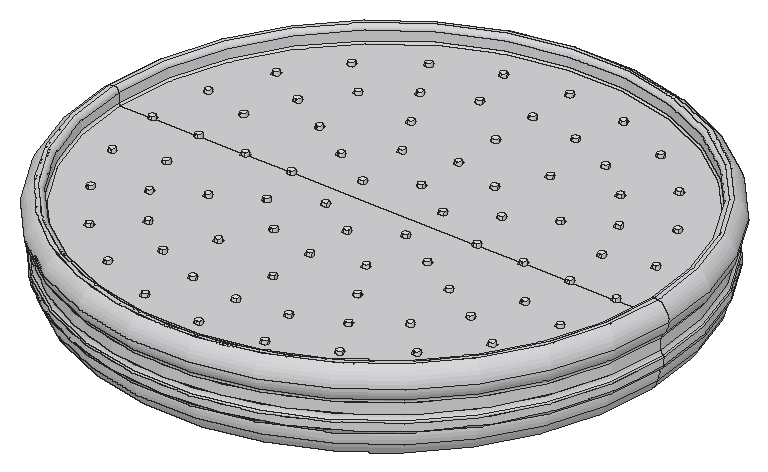
Revit family "Shower-Rainhead-KOHLER-Katalyst-13693W_1", category Plumbing Fixtures, host Face, Revit 2017
Family settings
  Host = Face
  Round Connector Dimension = Use Diameter
  Part Type = Normal
  OmniClass Number = 23.31.17.00
  OmniClass Title = Showers
  Cut with Voids When Loaded = No
  Shared = No
  Room Calculation Point = No
Parameters (values of type "CP-Polished Chrome")
  Width = 10 111/256"  # constant formula
  WaterSense Certified = 1 = 0  # no
  Waste Water Outlet = "Waste Water Outlet"  # constant formula
  Waste Connection = 1 = 0  # no
  Vent Connection = 1 = 0  # no
  URL = "https://www.kohler.co.uk/"
  Type = 1
  Product Page URL = "https://www.kohler.co.uk/showering/water-delivery/rainheads/katalyst-traditional-round-rainhead-10in-diameter/"
  Product Name = "Katalyst"  # constant formula
  Product Documentation Link = "https://resources.kohler.com/plumbing/kohleruk/pdf/P6418%20Traditional%20Round%20Rainheads.pdf"
  Pressure = 7.251 psi  # constant formula
  Panel Thickness = 0"
  Model = "13693W-CP"  # constant formula
  Material = "Brass Construction"  # constant formula
  Master Format 2014 Name = "Residential Showers"  # constant formula
  Master Format 2014 = "22 42 23"  # constant formula
  Manufacturer Address = "Cromwell Road, Cheltenham, Gloucestershire. GL52 5EP Registered in England No. 252115"  # constant formula
  Manufacturer = "KOHLER Co."  # constant formula
  Length = 10 111/256"  # constant formula
  Hot Water Inlet = "Tempered Water Inlet"  # constant formula
  Height = 3 189/256"  # constant formula
  HW Connection = 1 = 1  # yes
  Flow Rate = 0 GPM
  Finish = Kohler-Metal-CP-Polished_Chrome
  Environmental Product Declaration = ""
  Drain Included = 1 = 0  # no
  Description = "Traditional round rainhead 10 inch diameter"  # constant formula
  Default Elevation = 0"
  Declare Label = ""
  Date Modified = "7/23/2020"  # constant formula
  Date Created = "7/23/2020"  # constant formula
  Copyright = "Copyright KOHLER Co."  # constant formula
  Contact Us = "https://www.kohler.co.uk/support/contact/"
  Cold Water Inlet = "Cold Water Inlet"  # constant formula
  CW Connection = 1 = 0  # no
  Assembly Code = "D2010700"
  ADA Compliant = 1 = 0  # no
Reference planes (in)
  plane 1 "Center (Front/Back)": y = 0
  plane 2: z = 0
  plane 3 "Center (Left/Right)": x = 0
  plane 4: x = -5.21654
  plane 5: x = -0.495
  plane 6: x = 5.21706
  plane 7: x = 0.495
  plane 8: y = 5.21706
  plane 9: y = 0.495
  plane 10: y = -5.21654
  plane 11: y = -0.495
  plane 12: z = 1.19535
  plane 13: z = 3.73828
  plane 14: z = 0.13
  plane 15: z = 1.32535
  plane 16: z = 0.9651
Dimensions and locks (in)
  "Width": plane 4 to plane 6
  "Length": plane 8 to plane 10
  "Height": level to plane 13
  aligned and locked: plane 2 to host face
  aligned and locked: level to host face
  aligned and locked: plane 3 "Center (Left/Right)" to nested 1
  aligned and locked: plane 1 "Center (Front/Back)" to nested 1
Automatic sketch dimensions
  host sketch curve to host sketch curve = 96"  (x2)
Nested families (in)
  nested 1: "13693W" at (0, 0, 0), type "13693W"
Connectors (in)
  piping at (0, 0, 0), diameter 0.5, driven by "Flow Rate", driven by "Pressure", driven by "HW Connection", driven by "Hot Water Inlet"
    settings: on nested 1, index 1, connector inside diameter 24", connector length 0", flow factor 0, pipe flow 0 GPM, pressure drop 7.251 psi, fitting loss kfactor 0, connector angle 0.00°, fixture units 0, engagement length 0", angle of deflection 0.00°, flow configuration 0, flow direction 1, fitting loss method 4, system type 19, joint type 0, gender type 0, connector reference index -1, connector utility 1, adjustable connector no, is connector primary yes, connector description "Tempered Water Inlet"
Definition of nested family "13693W"
  Parameters (values of type "13693W")
    Material = none
  Reference planes (in)
    plane 1 "Center (Front/Back)": y = 0
    plane 2: z = 0
    plane 3 "Center (Left/Right)": x = 0
    plane 4: x = -5.21654
    plane 5: x = 5.21654
    plane 6: y = 5.21654
    plane 7: y = -5.21654
    plane 8: z = 3.74016
    plane 9: y = 0.495
    plane 10: y = -0.495
    plane 11: x = 0.495
    plane 12: x = -0.495
  Forms (in)
    Revolve 1, solid, material <- "Material", detail levels medium+fine
      sketch origin (0, 0, 0) x (1, 0, 0) y (0, 0, 1)
        loop
          line (0, 0) -> (0.47447, 0)
          arc (0.47447, 0) -> (0.48899, 0.00601) -> (0.495, 0.02053) r 0.02053
          line (0.495, 0.02053) -> (0.495, 0.13) -> (0.4672, 0.1578)
          arc (0.4672, 0.1578) -> (0.45817, 0.17131) -> (0.455, 0.18725) r 0.04164
          line (0.455, 0.18725) -> (0.455, 0.84676)
          arc (0.455, 0.84676) -> (0.44748, 0.88272) -> (0.42618, 0.91266) r 0.08976
          arc (0.42618, 0.91266) -> (0.39025, 0.94152) -> (0.35065, 0.9651) r 0.33085
          arc (0.35065, 0.9651) -> (0.31036, 1.02774) -> (0.34554, 1.09339) r 0.07344
          arc (0.34554, 1.09339) -> (0.39796, 1.13752) -> (0.43468, 1.19535) r 0.22531
          line (0.43468, 1.19535) -> (0.85696, 1.19535) -> (0.85696, 1.32535) -> (0.911, 1.32535)
          arc (0.911, 1.32535) -> (1.06015, 1.41607) -> (1.22625, 1.46979) r 0.749
          arc (1.22625, 1.46979) -> (1.51554, 1.52514) -> (1.80557, 1.57646) r 21.15434
          arc (1.80557, 1.57646) -> (2.21443, 1.64945) -> (2.622, 1.72937) r 24.49198
          arc (2.622, 1.72937) -> (3.32817, 1.86638) -> (4.03704, 1.9886) r 34.41926
          arc (4.03704, 1.9886) -> (4.35209, 2.04419) -> (4.66541, 2.10879) r 11.14689
          arc (4.66541, 2.10879) -> (4.87971, 2.2154) -> (5.01905, 2.41) r 0.49556
          arc (5.01905, 2.41) -> (5.0494, 2.52577) -> (5.05112, 2.64544) r 0.49556
          arc (5.05112, 2.64544) -> (5.10029, 2.64888) -> (5.12394, 2.69214) r 0.05138
          line (5.12394, 2.69214) -> (5.12394, 2.8225)
          arc (5.12394, 2.8225) -> (5.12075, 2.83829) -> (5.11167, 2.85161) r 0.04067
          arc (5.11167, 2.85161) -> (5.08376, 2.89254) -> (5.07394, 2.9411) r 0.125
          line (5.07394, 2.9411) -> (5.07394, 3.13476)
          arc (5.07394, 3.13476) -> (5.081, 3.16626) -> (5.10082, 3.19173) r 0.07382
          arc (5.10082, 3.19173) -> (5.18458, 3.29668) -> (5.21875, 3.42653) r 0.32494
          arc (5.21875, 3.42653) -> (5.17208, 3.6166) -> (5.02887, 3.75) r 0.34218
          line (5.02887, 3.75) -> (4.96018, 3.75)
          arc (4.96018, 3.75) -> (4.90218, 3.72597) -> (4.87815, 3.66797) r 0.08203
          line (4.87815, 3.66797) -> (4.87815, 3.49992)
          arc (4.87815, 3.49992) -> (4.86872, 3.47716) -> (4.84597, 3.46773) r 0.03218
          line (4.84597, 3.46773) -> (0, 3.46773) -> (0, 0)
        axis (0, 0) -> (0, 3.75)
      angle from 0 to 360
    Extrusion 2, void
      sketch origin (0, 0, 0) x (1, 0, 0) y (0, 1, 0)
        loop
          circle (0, 0.85043) r 0.07272
        loop
          circle (0, -0.85043) r 0.07272
        loop
          circle (0.00024, 1.70123) r 0.07272
        loop
          circle (-0.00074, 2.55028) r 0.07272
        loop
          circle (-0.00074, 3.40191) r 0.07272
        loop
          circle (0.00024, 4.25189) r 0.07272
        loop
          circle (0.00024, -1.70123) r 0.07272
        loop
          circle (-0.00074, -2.55028) r 0.07272
        loop
          circle (-0.00074, -3.40191) r 0.07272
        loop
          circle (0.00024, -4.25189) r 0.07272
        loop
          circle (1.7003, 0) r 0.07272
        loop
          circle (2.5504, 0) r 0.07272
        loop
          circle (3.40242, 0) r 0.07272
        loop
          circle (4.25162, 0) r 0.07272
        loop
          circle (-1.7003, 0) r 0.07272
        loop
          circle (-2.5504, 0) r 0.07272
        loop
          circle (-3.40242, 0) r 0.07272
        loop
          circle (-4.25162, 0) r 0.07272
        loop
          circle (1.10207, 4.1166) r 0.07272
        loop
          circle (0.87934, 3.28537) r 0.07272
        loop
          circle (1.70078, 2.94448) r 0.07272
        loop
          circle (2.12501, 3.68122) r 0.07272
        loop
          circle (3.00612, 3.00655) r 0.07272
        loop
          circle (3.68128, 2.12686) r 0.07272
        loop
          circle (2.94531, 1.70027) r 0.07272
        loop
          circle (2.40443, 2.40643) r 0.07272
        loop
          circle (1.2758, 2.21018) r 0.07272
        loop
          circle (0.85015, 1.47399) r 0.07272
        loop
          circle (0.73628, 0.42542) r 0.07272
        loop
          circle (1.47373, 0.85112) r 0.07272
        loop
          circle (2.20936, 1.27542) r 0.07272
        loop
          circle (3.28617, 0.88066) r 0.07272
        loop
          circle (4.10643, 1.10103) r 0.07272
        loop
          circle (1.10207, -4.1166) r 0.07272
        loop
          circle (0.87934, -3.28537) r 0.07272
        loop
          circle (1.70078, -2.94448) r 0.07272
        loop
          circle (2.12501, -3.68122) r 0.07272
        loop
          circle (3.00612, -3.00655) r 0.07272
        loop
          circle (3.68128, -2.12686) r 0.07272
        loop
          circle (2.94531, -1.70027) r 0.07272
        loop
          circle (2.40443, -2.40643) r 0.07272
        loop
          circle (1.2758, -2.21018) r 0.07272
        loop
          circle (0.85015, -1.47399) r 0.07272
        loop
          circle (0.73628, -0.42542) r 0.07272
        loop
          circle (1.47373, -0.85112) r 0.07272
        loop
          circle (2.20936, -1.27542) r 0.07272
        loop
          circle (3.28617, -0.88066) r 0.07272
        loop
          circle (4.10643, -1.10103) r 0.07272
        loop
          circle (-1.10207, -4.1166) r 0.07272
        loop
          circle (-0.87934, -3.28537) r 0.07272
        loop
          circle (-1.70078, -2.94448) r 0.07272
        loop
          circle (-2.12501, -3.68122) r 0.07272
        loop
          circle (-3.00612, -3.00655) r 0.07272
        loop
          circle (-3.68128, -2.12686) r 0.07272
        loop
          circle (-2.94531, -1.70027) r 0.07272
        loop
          circle (-2.40443, -2.40643) r 0.07272
        loop
          circle (-1.2758, -2.21018) r 0.07272
        loop
          circle (-0.85015, -1.47399) r 0.07272
        loop
          circle (-0.73628, -0.42542) r 0.07272
        loop
          circle (-1.47373, -0.85112) r 0.07272
        loop
          circle (-2.20936, -1.27542) r 0.07272
        loop
          circle (-3.28617, -0.88066) r 0.07272
        loop
          circle (-4.10643, -1.10103) r 0.07272
        loop
          circle (-1.10207, 4.1166) r 0.07272
        loop
          circle (-0.87934, 3.28537) r 0.07272
        loop
          circle (-1.70078, 2.94448) r 0.07272
        loop
          circle (-2.12501, 3.68122) r 0.07272
        loop
          circle (-3.00612, 3.00655) r 0.07272
        loop
          circle (-3.68128, 2.12686) r 0.07272
        loop
          circle (-2.94531, 1.70027) r 0.07272
        loop
          circle (-2.40443, 2.40643) r 0.07272
        loop
          circle (-1.2758, 2.21018) r 0.07272
        loop
          circle (-0.85015, 1.47399) r 0.07272
        loop
          circle (-0.73628, 0.42542) r 0.07272
        loop
          circle (-1.47373, 0.85112) r 0.07272
        loop
          circle (-2.20936, 1.27542) r 0.07272
        loop
          circle (-3.28617, 0.88066) r 0.07272
        loop
          circle (-4.10643, 1.10103) r 0.07272
      from 3.27094 to 3.58278
    Extrusion 3, solid, detail levels medium+fine
      sketch origin (0, 0, 0) x (1, 0, 0) y (0, 1, 0)
        loop
          circle (1.7001, -0.00038) r 0.0539
        loop
          circle (2.55146, -0.00038) r 0.0539
        loop
          circle (3.40411, -0.00038) r 0.0539
        loop
          circle (4.25351, -0.00038) r 0.0539
        loop
          circle (1.47252, 0.84972) r 0.0539
        loop
          circle (2.20982, 1.27541) r 0.0539
        loop
          circle (2.94824, 1.70173) r 0.0539
        loop
          circle (3.68384, 2.12643) r 0.0539
        loop
          circle (0.85038, 1.47214) r 0.0539
        loop
          circle (1.27606, 2.20944) r 0.0539
        loop
          circle (1.70238, 2.94786) r 0.0539
        loop
          circle (2.12708, 3.68346) r 0.0539
        loop
          circle (0.00038, 1.7001) r 0.0539
        loop
          circle (0.00038, 2.55146) r 0.0539
        loop
          circle (0.00038, 3.40411) r 0.0539
        loop
          circle (0.00038, 4.25351) r 0.0539
        loop
          circle (-0.84972, 1.47252) r 0.0539
        loop
          circle (-1.27541, 2.20982) r 0.0539
        loop
          circle (-1.70173, 2.94824) r 0.0539
        loop
          circle (-2.12643, 3.68384) r 0.0539
        loop
          circle (-1.47214, 0.85038) r 0.0539
        loop
          circle (-2.20944, 1.27606) r 0.0539
        loop
          circle (-2.94786, 1.70238) r 0.0539
        loop
          circle (-3.68346, 2.12708) r 0.0539
        loop
          circle (-1.7001, 0.00038) r 0.0539
        loop
          circle (-2.55146, 0.00038) r 0.0539
        loop
          circle (-3.40411, 0.00038) r 0.0539
        loop
          circle (-4.25351, 0.00038) r 0.0539
        loop
          circle (1.47252, -0.84972) r 0.0539
        loop
          circle (2.20982, -1.27541) r 0.0539
        loop
          circle (2.94824, -1.70173) r 0.0539
        loop
          circle (3.68384, -2.12643) r 0.0539
        loop
          circle (0.85038, -1.47214) r 0.0539
        loop
          circle (1.27606, -2.20944) r 0.0539
        loop
          circle (1.70238, -2.94786) r 0.0539
        loop
          circle (2.12708, -3.68346) r 0.0539
        loop
          circle (0.00038, -1.7001) r 0.0539
        loop
          circle (0.00038, -2.55146) r 0.0539
        loop
          circle (0.00038, -3.40411) r 0.0539
        loop
          circle (0.00038, -4.25351) r 0.0539
        loop
          circle (-0.84972, -1.47252) r 0.0539
        loop
          circle (-1.27541, -2.20982) r 0.0539
        loop
          circle (-1.70173, -2.94824) r 0.0539
        loop
          circle (-2.12643, -3.68384) r 0.0539
        loop
          circle (-1.47214, -0.85038) r 0.0539
        loop
          circle (-2.20944, -1.27606) r 0.0539
        loop
          circle (-2.94786, -1.70238) r 0.0539
        loop
          circle (-3.68346, -2.12708) r 0.0539
        loop
          circle (0.73415, 0.42516) r 0.0539
        loop
          circle (-0.00185, 0.85122) r 0.0539
        loop
          circle (-0.73681, 0.4265) r 0.0539
        loop
          circle (-0.73681, -0.42534) r 0.0539
        loop
          circle (-0.00062, -0.84964) r 0.0539
        loop
          circle (0.73656, -0.42413) r 0.0539
        loop
          circle (3.28565, 0.88101) r 0.0539
        loop
          circle (4.10989, 1.10148) r 0.0539
        loop
          circle (3.00665, 3.00917) r 0.0539
        loop
          circle (2.40571, 2.40738) r 0.0539
        loop
          circle (1.09974, 4.10954) r 0.0539
        loop
          circle (0.88006, 3.28654) r 0.0539
        loop
          circle (3.28565, -0.88101) r 0.0539
        loop
          circle (4.10989, -1.10148) r 0.0539
        loop
          circle (1.09974, -4.10954) r 0.0539
        loop
          circle (0.88006, -3.28654) r 0.0539
        loop
          circle (3.00665, -3.00917) r 0.0539
        loop
          circle (2.40571, -2.40738) r 0.0539
        loop
          circle (-3.28565, -0.88101) r 0.0539
        loop
          circle (-4.10989, -1.10148) r 0.0539
        loop
          circle (-1.09974, -4.10954) r 0.0539
        loop
          circle (-0.88006, -3.28654) r 0.0539
        loop
          circle (-3.00665, -3.00917) r 0.0539
        loop
          circle (-2.40571, -2.40738) r 0.0539
        loop
          circle (-3.28565, 0.88101) r 0.0539
        loop
          circle (-4.10989, 1.10148) r 0.0539
        loop
          circle (-1.09974, 4.10954) r 0.0539
        loop
          circle (-0.88006, 3.28654) r 0.0539
        loop
          circle (-3.00665, 3.00917) r 0.0539
        loop
          circle (-2.40571, 2.40738) r 0.0539
      from 3.27094 to 3.51779
    Extrusion 4, void
      sketch origin (0, 0, 0) x (0, 1, 0) y (0, 0, 1)
        loop
          arc (0.19689, 0.75118) -> (0.00077, 0.87947) -> (-0.19535, 0.75118) r 0.21404
          line (-0.19535, 0.75118) -> (-0.19535, 0.25486)
          arc (-0.19535, 0.25486) -> (0.00077, 0.21257) -> (0.19689, 0.25486) r 0.4758
          line (0.19689, 0.25486) -> (0.19689, 0.75118)
      from 0.40056 to 0.60627
    Extrusion 5, void
      sketch origin (0, 0, 0) x (0, 1, 0) y (0, 0, 1)
        loop
          line (-0.19535, 0.75118) -> (-0.19535, 0.25486)
          arc (-0.19535, 0.25486) -> (0.00077, 0.21257) -> (0.19689, 0.25486) r 0.4758
          line (0.19689, 0.25486) -> (0.19689, 0.75118)
          arc (0.19689, 0.75118) -> (0.00077, 0.87947) -> (-0.19535, 0.75118) r 0.21404
      from -0.54009 to -0.39629
    Revolve 6, solid, material <- "Material", detail levels coarse
      sketch origin (0, 0, 0) x (0, 1, 0) y (0, 0, 1)
        loop
          line (0, 3.74016) -> (0, 0) -> (0.495, 0) -> (0.495, 1.19535) -> (0.85696, 1.19535) -> (0.85696, 1.31903)
          arc (0.85696, 1.31903) -> (2.75302, 1.75594) -> (4.67074, 2.08501) r 34.41926
          arc (4.67074, 2.08501) -> (4.91735, 2.20866) -> (5.03978, 2.45586) r 0.43444
          line (5.03978, 2.45586) -> (5.18575, 3.51647)
          arc (5.18575, 3.51647) -> (5.13912, 3.67266) -> (4.99074, 3.74016) r 0.19685
          line (4.99074, 3.74016) -> (0, 3.74016)
        axis (0, 0) -> (0, 3.74016)
      angle from 0 to 360
    Extrusion 7, solid, material <- "Material", detail levels medium+fine
      sketch origin (0, 0, 0) x (1, 0, 0) y (0, 1, 0)
        loop
          circle (0, 0) r 0.10251
      from 0 to 0.13
  Cuts and joins
    Extrusion 2, Extrusion 4, Extrusion 5 cuts Revolve 1
  Lines and regions (in)
    Masking region 1
      outline origin (0, 0, 0) x (1, 0, 0) y (0, 1, 0)
        loop
          arc (-5.21654, 0) -> (-3.68865, -3.68865) -> (0, -5.21654) r 5.21654
          arc (0, -5.21654) -> (3.68865, -3.68865) -> (5.21654, 0) r 5.21654
          arc (5.21654, 0) -> (3.68865, 3.68865) -> (0, 5.21654) r 5.21654
          arc (0, 5.21654) -> (-3.68865, 3.68865) -> (-5.21654, 0) r 5.21654
    Masking region 2
      outline origin (0, 0, 0) x (1, 0, 0) y (0, 0, 1)
        loop
          line (0, 0) -> (0.47447, 0)
          arc (0.47447, 0) -> (0.48899, 0.00601) -> (0.495, 0.02053) r 0.02053
          line (0.495, 0.02053) -> (0.495, 0.13) -> (0.4672, 0.1578)
          arc (0.4672, 0.1578) -> (0.45817, 0.17131) -> (0.455, 0.18725) r 0.04164
          line (0.455, 0.18725) -> (0.455, 0.84676)
          arc (0.455, 0.84676) -> (0.44748, 0.88272) -> (0.42618, 0.91266) r 0.08976
          arc (0.42618, 0.91266) -> (0.39025, 0.94152) -> (0.35065, 0.9651) r 0.33085
          arc (0.35065, 0.9651) -> (0.31036, 1.02774) -> (0.34554, 1.09339) r 0.07344
          arc (0.34554, 1.09339) -> (0.39796, 1.13752) -> (0.43468, 1.19535) r 0.22531
          line (0.43468, 1.19535) -> (0.85696, 1.19535) -> (0.85696, 1.32535) -> (0.911, 1.32535)
          arc (0.911, 1.32535) -> (1.06015, 1.41607) -> (1.22625, 1.46979) r 0.749
          arc (1.22625, 1.46979) -> (1.51554, 1.52514) -> (1.80557, 1.57646) r 21.15434
          arc (1.80557, 1.57646) -> (2.21443, 1.64945) -> (2.622, 1.72937) r 24.49198
          arc (2.622, 1.72937) -> (3.32817, 1.86638) -> (4.03704, 1.9886) r 34.41926
          arc (4.03704, 1.9886) -> (4.35209, 2.04419) -> (4.66541, 2.10879) r 11.14689
          arc (4.66541, 2.10879) -> (4.87971, 2.2154) -> (5.01905, 2.41) r 0.49556
          arc (5.01905, 2.41) -> (5.0494, 2.52577) -> (5.05112, 2.64544) r 0.49556
          arc (5.05112, 2.64544) -> (5.10029, 2.64888) -> (5.12394, 2.69214) r 0.05138
          line (5.12394, 2.69214) -> (5.12394, 2.8225)
          arc (5.12394, 2.8225) -> (5.12075, 2.83829) -> (5.11167, 2.85161) r 0.04067
          arc (5.11167, 2.85161) -> (5.08376, 2.89254) -> (5.07394, 2.9411) r 0.125
          line (5.07394, 2.9411) -> (5.07394, 3.13476)
          arc (5.07394, 3.13476) -> (5.081, 3.16626) -> (5.10082, 3.19173) r 0.07382
          arc (5.10082, 3.19173) -> (5.18621, 3.30451) -> (5.21654, 3.44268) r 0.32995
          arc (5.21654, 3.44268) -> (5.17127, 3.6138) -> (5.0473, 3.74016) r 0.34608
          line (5.0473, 3.74016) -> (-5.0473, 3.74016)
          arc (-5.0473, 3.74016) -> (-5.17127, 3.6138) -> (-5.21654, 3.44268) r 0.34608
          arc (-5.21654, 3.44268) -> (-5.18621, 3.30451) -> (-5.10082, 3.19173) r 0.32995
          arc (-5.10082, 3.19173) -> (-5.081, 3.16626) -> (-5.07394, 3.13476) r 0.07382
          line (-5.07394, 3.13476) -> (-5.07394, 2.9411)
          arc (-5.07394, 2.9411) -> (-5.08376, 2.89254) -> (-5.11167, 2.85161) r 0.125
          arc (-5.11167, 2.85161) -> (-5.12075, 2.83829) -> (-5.12394, 2.8225) r 0.04067
          line (-5.12394, 2.8225) -> (-5.12394, 2.69214)
          arc (-5.12394, 2.69214) -> (-5.10029, 2.64888) -> (-5.05112, 2.64544) r 0.05138
          arc (-5.05112, 2.64544) -> (-5.0494, 2.52577) -> (-5.01905, 2.41) r 0.49556
          arc (-5.01905, 2.41) -> (-4.87971, 2.2154) -> (-4.66541, 2.10879) r 0.49556
          arc (-4.66541, 2.10879) -> (-4.35209, 2.04419) -> (-4.03704, 1.9886) r 11.14689
          arc (-4.03704, 1.9886) -> (-3.32817, 1.86638) -> (-2.622, 1.72937) r 34.41926
          arc (-2.622, 1.72937) -> (-2.21443, 1.64945) -> (-1.80557, 1.57646) r 24.49198
          arc (-1.80557, 1.57646) -> (-1.51554, 1.52514) -> (-1.22625, 1.46979) r 21.15434
          arc (-1.22625, 1.46979) -> (-1.06015, 1.41607) -> (-0.911, 1.32535) r 0.749
          line (-0.911, 1.32535) -> (-0.85696, 1.32535) -> (-0.85696, 1.19535) -> (-0.43468, 1.19535)
          arc (-0.43468, 1.19535) -> (-0.39796, 1.13752) -> (-0.34554, 1.09339) r 0.22531
          arc (-0.34554, 1.09339) -> (-0.31036, 1.02774) -> (-0.35065, 0.9651) r 0.07344
          arc (-0.35065, 0.9651) -> (-0.39025, 0.94152) -> (-0.42618, 0.91266) r 0.33085
          arc (-0.42618, 0.91266) -> (-0.44748, 0.88272) -> (-0.455, 0.84676) r 0.08976
          line (-0.455, 0.84676) -> (-0.455, 0.18725)
          arc (-0.455, 0.18725) -> (-0.45817, 0.17131) -> (-0.4672, 0.1578) r 0.04164
          line (-0.4672, 0.1578) -> (-0.495, 0.13) -> (-0.495, 0.02053)
          arc (-0.495, 0.02053) -> (-0.48899, 0.00601) -> (-0.47447, 0) r 0.02053
          line (-0.47447, 0) -> (0, 0)
    Masking region 3
      outline origin (0, 0, 0) x (0, 1, 0) y (0, 0, 1)
        loop
          line (0, 0) -> (0.47447, 0)
          arc (0.47447, 0) -> (0.48899, 0.00601) -> (0.495, 0.02053) r 0.02053
          line (0.495, 0.02053) -> (0.495, 0.13) -> (0.4672, 0.1578)
          arc (0.4672, 0.1578) -> (0.45817, 0.17131) -> (0.455, 0.18725) r 0.04164
          line (0.455, 0.18725) -> (0.455, 0.84676)
          arc (0.455, 0.84676) -> (0.44748, 0.88272) -> (0.42618, 0.91266) r 0.08976
          arc (0.42618, 0.91266) -> (0.39025, 0.94152) -> (0.35065, 0.9651) r 0.33085
          arc (0.35065, 0.9651) -> (0.31036, 1.02774) -> (0.34554, 1.09339) r 0.07344
          arc (0.34554, 1.09339) -> (0.39796, 1.13752) -> (0.43468, 1.19535) r 0.22531
          line (0.43468, 1.19535) -> (0.85696, 1.19535) -> (0.85696, 1.32535) -> (0.911, 1.32535)
          arc (0.911, 1.32535) -> (1.06015, 1.41607) -> (1.22625, 1.46979) r 0.749
          arc (1.22625, 1.46979) -> (1.51554, 1.52514) -> (1.80557, 1.57646) r 21.15434
          arc (1.80557, 1.57646) -> (2.21443, 1.64945) -> (2.622, 1.72937) r 24.49198
          arc (2.622, 1.72937) -> (3.32817, 1.86638) -> (4.03704, 1.9886) r 34.41926
          arc (4.03704, 1.9886) -> (4.35209, 2.04419) -> (4.66541, 2.10879) r 11.14689
          arc (4.66541, 2.10879) -> (4.87971, 2.2154) -> (5.01905, 2.41) r 0.49556
          arc (5.01905, 2.41) -> (5.0494, 2.52577) -> (5.05112, 2.64544) r 0.49556
          arc (5.05112, 2.64544) -> (5.10029, 2.64888) -> (5.12394, 2.69214) r 0.05138
          line (5.12394, 2.69214) -> (5.12394, 2.8225)
          arc (5.12394, 2.8225) -> (5.12075, 2.83829) -> (5.11167, 2.85161) r 0.04067
          arc (5.11167, 2.85161) -> (5.08376, 2.89254) -> (5.07394, 2.9411) r 0.125
          line (5.07394, 2.9411) -> (5.07394, 3.13476)
          arc (5.07394, 3.13476) -> (5.08014, 3.16438) -> (5.09771, 3.18903) r 0.07382
          arc (5.09771, 3.18903) -> (5.18541, 3.30563) -> (5.21654, 3.44818) r 0.34202
          arc (5.21654, 3.44818) -> (5.17117, 3.61692) -> (5.0473, 3.74016) r 0.33649
          line (5.0473, 3.74016) -> (-5.0473, 3.74016)
          arc (-5.0473, 3.74016) -> (-5.17117, 3.61692) -> (-5.21654, 3.44818) r 0.33649
          arc (-5.21654, 3.44818) -> (-5.18627, 3.30751) -> (-5.10082, 3.19173) r 0.34202
          arc (-5.10082, 3.19173) -> (-5.081, 3.16626) -> (-5.07394, 3.13476) r 0.07382
          line (-5.07394, 3.13476) -> (-5.07394, 2.9411)
          arc (-5.07394, 2.9411) -> (-5.08376, 2.89254) -> (-5.11167, 2.85161) r 0.125
          arc (-5.11167, 2.85161) -> (-5.12075, 2.83829) -> (-5.12394, 2.8225) r 0.04067
          line (-5.12394, 2.8225) -> (-5.12394, 2.69214)
          arc (-5.12394, 2.69214) -> (-5.10029, 2.64888) -> (-5.05112, 2.64544) r 0.05138
          arc (-5.05112, 2.64544) -> (-5.0494, 2.52577) -> (-5.01905, 2.41) r 0.49556
          arc (-5.01905, 2.41) -> (-4.87971, 2.2154) -> (-4.66541, 2.10879) r 0.49556
          arc (-4.66541, 2.10879) -> (-4.35209, 2.04419) -> (-4.03704, 1.9886) r 11.14689
          arc (-4.03704, 1.9886) -> (-3.32817, 1.86638) -> (-2.622, 1.72937) r 34.41926
          arc (-2.622, 1.72937) -> (-2.21443, 1.64945) -> (-1.80557, 1.57646) r 24.49198
          arc (-1.80557, 1.57646) -> (-1.51554, 1.52514) -> (-1.22625, 1.46979) r 21.15434
          arc (-1.22625, 1.46979) -> (-1.06015, 1.41607) -> (-0.911, 1.32535) r 0.749
          line (-0.911, 1.32535) -> (-0.85696, 1.32535) -> (-0.85696, 1.19535) -> (-0.43468, 1.19535)
          arc (-0.43468, 1.19535) -> (-0.39796, 1.13752) -> (-0.34554, 1.09339) r 0.22531
          arc (-0.34554, 1.09339) -> (-0.31036, 1.02774) -> (-0.35065, 0.9651) r 0.07344
          arc (-0.35065, 0.9651) -> (-0.39025, 0.94152) -> (-0.42618, 0.91266) r 0.33085
          arc (-0.42618, 0.91266) -> (-0.44748, 0.88272) -> (-0.455, 0.84676) r 0.08976
          line (-0.455, 0.84676) -> (-0.455, 0.18725)
          arc (-0.455, 0.18725) -> (-0.45817, 0.17131) -> (-0.4672, 0.1578) r 0.04164
          line (-0.4672, 0.1578) -> (-0.495, 0.13) -> (-0.495, 0.02053)
          arc (-0.495, 0.02053) -> (-0.48899, 0.00601) -> (-0.47447, 0) r 0.02053
          line (-0.47447, 0) -> (0, 0)
    symbolic lines, detail levels medium+fine
      curve 1: circle (0, 0, 0) r 5.05112 normal (0, 0, 1)
      curve 2: circle (0, 0, 0) r 4.87892 normal (0, 0, 1)
      curve 3: arc (0.07296, 4.25189, 0) -> (0.00024, 4.32461, 0) -> (-0.07249, 4.25189, 0) r 0.07272
      curve 4: arc (-0.07249, 4.25189, 0) -> (0.00024, 4.17917, 0) -> (0.07296, 4.25189, 0) r 0.07272
      curve 5: arc (-0.04631, 4.22656, 0) -> (0.02733, 4.20683, 0) -> (0.04706, 4.28046, 0) r 0.0539
      curve 6: arc (0.04706, 4.28046, 0) -> (-0.02658, 4.30019, 0) -> (-0.04631, 4.22656, 0) r 0.0539
      curve 7: arc (0.07198, 3.40191, 0) -> (-0.00074, 3.47463, 0) -> (-0.07346, 3.40191, 0) r 0.07272
      curve 8: arc (0.04706, 3.43107, 0) -> (-0.02658, 3.4508, 0) -> (-0.04631, 3.37716, 0) r 0.0539
      curve 9: arc (-0.04631, 3.37716, 0) -> (0.02733, 3.35743, 0) -> (0.04706, 3.43107, 0) r 0.0539
      curve 10: arc (-0.07346, 3.40191, 0) -> (-0.00074, 3.32919, 0) -> (0.07198, 3.40191, 0) r 0.07272
      curve 11: arc (0.07198, 2.55028, 0) -> (-0.00074, 2.623, 0) -> (-0.07346, 2.55028, 0) r 0.07272
      curve 12: arc (0.04706, 2.57841, 0) -> (-0.02658, 2.59814, 0) -> (-0.04631, 2.52451, 0) r 0.0539
      curve 13: arc (-0.04631, 2.52451, 0) -> (0.02733, 2.50478, 0) -> (0.04706, 2.57841, 0) r 0.0539
      curve 14: arc (-0.07346, 2.55028, 0) -> (-0.00074, 2.47756, 0) -> (0.07198, 2.55028, 0) r 0.07272
      curve 15: arc (0.07296, 1.70123, 0) -> (0.00024, 1.77395, 0) -> (-0.07249, 1.70123, 0) r 0.07272
      curve 16: arc (0.04706, 1.72705, 0) -> (-0.02658, 1.74678, 0) -> (-0.04631, 1.67315, 0) r 0.0539
      curve 17: arc (-0.04631, 1.67315, 0) -> (0.02733, 1.65342, 0) -> (0.04706, 1.72705, 0) r 0.0539
      curve 18: arc (-0.07249, 1.70123, 0) -> (0.00024, 1.62851, 0) -> (0.07296, 1.70123, 0) r 0.07272
      curve 19: arc (0.07272, 0.85043, 0) -> (0, 0.92315, 0) -> (-0.07272, 0.85043, 0) r 0.07272
      curve 20: arc (0.04484, 0.82426, 0) -> (0.02511, 0.8979, 0) -> (-0.04853, 0.87817, 0) r 0.0539
      curve 21: arc (-0.04853, 0.87817, 0) -> (-0.0288, 0.80453, 0) -> (0.04484, 0.82426, 0) r 0.0539
      curve 22: arc (-0.07272, 0.85043, 0) -> (0, 0.7777, 0) -> (0.07272, 0.85043, 0) r 0.07272
      curve 23: arc (1.17479, 4.1166, 0) -> (1.10207, 4.18932, 0) -> (1.02935, 4.1166, 0) r 0.07272
      curve 24: arc (1.15365, 4.10954, 0) -> (1.09974, 4.16344, 0) -> (1.04584, 4.10954, 0) r 0.0539
      curve 25: arc (1.04584, 4.10954, 0) -> (1.09974, 4.05563, 0) -> (1.15365, 4.10954, 0) r 0.0539
      curve 26: arc (1.02935, 4.1166, 0) -> (1.10207, 4.04388, 0) -> (1.17479, 4.1166, 0) r 0.07272
      curve 27: arc (0.95207, 3.28537, 0) -> (0.87934, 3.35809, 0) -> (0.80662, 3.28537, 0) r 0.07272
      curve 28: arc (0.93396, 3.28654, 0) -> (0.88006, 3.34045, 0) -> (0.82616, 3.28654, 0) r 0.0539
      curve 29: arc (0.82616, 3.28654, 0) -> (0.88006, 3.23264, 0) -> (0.93396, 3.28654, 0) r 0.0539
      curve 30: arc (0.80662, 3.28537, 0) -> (0.87934, 3.21265, 0) -> (0.95207, 3.28537, 0) r 0.07272
      curve 31: arc (2.05229, 3.68122, 0) -> (2.12501, 3.6085, 0) -> (2.19773, 3.68122, 0) r 0.07272
      curve 32: arc (2.07318, 3.68346, 0) -> (2.12708, 3.62956, 0) -> (2.18098, 3.68346, 0) r 0.0539
      curve 33: arc (2.18098, 3.68346, 0) -> (2.12708, 3.73736, 0) -> (2.07318, 3.68346, 0) r 0.0539
      curve 34: arc (2.19773, 3.68122, 0) -> (2.12501, 3.75394, 0) -> (2.05229, 3.68122, 0) r 0.07272
      curve 35: arc (1.7735, 2.94448, 0) -> (1.70078, 3.0172, 0) -> (1.62806, 2.94448, 0) r 0.07272
      curve 36: arc (1.75629, 2.94786, 0) -> (1.70238, 3.00177, 0) -> (1.64848, 2.94786, 0) r 0.0539
      curve 37: arc (1.64848, 2.94786, 0) -> (1.70238, 2.89396, 0) -> (1.75629, 2.94786, 0) r 0.0539
      curve 38: arc (1.62806, 2.94448, 0) -> (1.70078, 2.87175, 0) -> (1.7735, 2.94448, 0) r 0.07272
      curve 39: arc (1.34852, 2.21018, 0) -> (1.2758, 2.2829, 0) -> (1.20308, 2.21018, 0) r 0.07272
      curve 40: arc (1.32996, 2.20944, 0) -> (1.27606, 2.26335, 0) -> (1.22215, 2.20944, 0) r 0.0539
      curve 41: arc (1.22215, 2.20944, 0) -> (1.27606, 2.15554, 0) -> (1.32996, 2.20944, 0) r 0.0539
      curve 42: arc (1.20308, 2.21018, 0) -> (1.2758, 2.13746, 0) -> (1.34852, 2.21018, 0) r 0.07272
      curve 43: arc (0.92288, 1.47399, 0) -> (0.85015, 1.54671, 0) -> (0.77743, 1.47399, 0) r 0.07272
      curve 44: arc (0.90428, 1.47214, 0) -> (0.85038, 1.52604, 0) -> (0.79647, 1.47214, 0) r 0.0539
      curve 45: arc (0.79647, 1.47214, 0) -> (0.85038, 1.41824, 0) -> (0.90428, 1.47214, 0) r 0.0539
      curve 46: arc (0.77743, 1.47399, 0) -> (0.85015, 1.40127, 0) -> (0.92288, 1.47399, 0) r 0.07272
      curve 47: arc (1.40101, 0.85112, 0) -> (1.47373, 0.77839, 0) -> (1.54645, 0.85112, 0) r 0.07272
      curve 48: arc (1.42584, 0.87668, 0) -> (1.44557, 0.80304, 0) -> (1.5192, 0.82277, 0) r 0.0539
      curve 49: arc (1.54645, 0.85112, 0) -> (1.47373, 0.92384, 0) -> (1.40101, 0.85112, 0) r 0.07272
      curve 50: arc (1.5192, 0.82277, 0) -> (1.49947, 0.89641, 0) -> (1.42584, 0.87668, 0) r 0.0539
      curve 51: arc (2.13664, 1.27542, 0) -> (2.20936, 1.2027, 0) -> (2.28208, 1.27542, 0) r 0.07272
      curve 52: arc (2.16314, 1.30236, 0) -> (2.18287, 1.22872, 0) -> (2.2565, 1.24845, 0) r 0.0539
      curve 53: arc (2.2565, 1.24845, 0) -> (2.23677, 1.32209, 0) -> (2.16314, 1.30236, 0) r 0.0539
      curve 54: arc (2.28208, 1.27542, 0) -> (2.20936, 1.34814, 0) -> (2.13664, 1.27542, 0) r 0.07272
      curve 55: arc (2.87259, 1.70027, 0) -> (2.94531, 1.62755, 0) -> (3.01803, 1.70027, 0) r 0.07272
      curve 56: arc (2.90156, 1.72868, 0) -> (2.92129, 1.65505, 0) -> (2.99492, 1.67478, 0) r 0.0539
      curve 57: arc (2.99492, 1.67478, 0) -> (2.97519, 1.74841, 0) -> (2.90156, 1.72868, 0) r 0.0539
      curve 58: arc (3.01803, 1.70027, 0) -> (2.94531, 1.77299, 0) -> (2.87259, 1.70027, 0) r 0.07272
      curve 59: arc (3.60856, 2.12686, 0) -> (3.68128, 2.05414, 0) -> (3.754, 2.12686, 0) r 0.07272
      curve 60: arc (3.63715, 2.15338, 0) -> (3.65688, 2.07975, 0) -> (3.73052, 2.09948, 0) r 0.0539
      curve 61: arc (3.73052, 2.09948, 0) -> (3.71079, 2.17311, 0) -> (3.63715, 2.15338, 0) r 0.0539
      curve 62: arc (3.754, 2.12686, 0) -> (3.68128, 2.19958, 0) -> (3.60856, 2.12686, 0) r 0.07272
      curve 63: arc (2.9334, 3.00655, 0) -> (3.00612, 2.93383, 0) -> (3.07885, 3.00655, 0) r 0.07272
      curve 64: arc (2.95996, 3.03612, 0) -> (2.97969, 2.96249, 0) -> (3.05333, 2.98222, 0) r 0.0539
      curve 65: arc (3.05333, 2.98222, 0) -> (3.0336, 3.05585, 0) -> (2.95996, 3.03612, 0) r 0.0539
      curve 66: arc (3.07885, 3.00655, 0) -> (3.00612, 3.07927, 0) -> (2.9334, 3.00655, 0) r 0.07272
      curve 67: arc (2.46741, 2.37175, 0) -> (2.44133, 2.46907, 0) -> (2.34401, 2.443, 0) r 0.07124
      curve 68: arc (2.35903, 2.43433, 0) -> (2.37876, 2.36069, 0) -> (2.45239, 2.38042, 0) r 0.0539
      curve 69: arc (2.33171, 2.40643, 0) -> (2.40443, 2.33371, 0) -> (2.47715, 2.40643, 0) r 0.07272
      curve 70: arc (0.809, 0.42542, 0) -> (0.73628, 0.49814, 0) -> (0.66356, 0.42542, 0) r 0.07272
      curve 71: arc (0.78083, 0.39821, 0) -> (0.7611, 0.47184, 0) -> (0.68747, 0.45211, 0) r 0.0539
      curve 72: arc (0.66356, 0.42542, 0) -> (0.73628, 0.3527, 0) -> (0.809, 0.42542, 0) r 0.07272
      curve 73: arc (0.68747, 0.45211, 0) -> (0.7072, 0.37848, 0) -> (0.78083, 0.39821, 0) r 0.0539
      curve 74: arc (3.21345, 0.88066, 0) -> (3.28617, 0.80793, 0) -> (3.35889, 0.88066, 0) r 0.07272
      curve 75: arc (3.2587, 0.92769, 0) -> (3.23897, 0.85405, 0) -> (3.3126, 0.83432, 0) r 0.0539
      curve 76: arc (3.3126, 0.83432, 0) -> (3.33233, 0.90796, 0) -> (3.2587, 0.92769, 0) r 0.0539
      curve 77: arc (3.35889, 0.88066, 0) -> (3.28617, 0.95338, 0) -> (3.21345, 0.88066, 0) r 0.07272
      curve 78: arc (4.08294, 1.14816, 0) -> (4.06321, 1.07452, 0) -> (4.13684, 1.05479, 0) r 0.0539
      curve 79: arc (4.03371, 1.10103, 0) -> (4.10643, 1.0283, 0) -> (4.17915, 1.10103, 0) r 0.07272
      curve 80: arc (4.13684, 1.05479, 0) -> (4.15657, 1.12843, 0) -> (4.08294, 1.14816, 0) r 0.0539
      curve 81: arc (4.17915, 1.10103, 0) -> (4.10643, 1.17375, 0) -> (4.03371, 1.10103, 0) r 0.07272
      curve 82: arc (0.07296, -4.25189, 0) -> (0.00024, -4.32461, 0) -> (-0.07249, -4.25189, 0) r 0.07272
      curve 83: arc (-0.07249, -4.25189, 0) -> (0.00024, -4.17917, 0) -> (0.07296, -4.25189, 0) r 0.07272
      curve 84: arc (-0.04631, -4.22656, 0) -> (0.02733, -4.20683, 0) -> (0.04706, -4.28046, 0) r 0.0539
      curve 85: arc (0.04706, -4.28046, 0) -> (-0.02658, -4.30019, 0) -> (-0.04631, -4.22656, 0) r 0.0539
      curve 86: arc (0.07198, -3.40191, 0) -> (-0.00074, -3.47463, 0) -> (-0.07346, -3.40191, 0) r 0.07272
      curve 87: arc (0.04706, -3.43107, 0) -> (-0.02658, -3.4508, 0) -> (-0.04631, -3.37716, 0) r 0.0539
      curve 88: arc (-0.04631, -3.37716, 0) -> (0.02733, -3.35743, 0) -> (0.04706, -3.43107, 0) r 0.0539
      curve 89: arc (-0.07346, -3.40191, 0) -> (-0.00074, -3.32919, 0) -> (0.07198, -3.40191, 0) r 0.07272
      curve 90: arc (0.07198, -2.55028, 0) -> (-0.00074, -2.623, 0) -> (-0.07346, -2.55028, 0) r 0.07272
      curve 91: arc (0.04706, -2.57841, 0) -> (-0.02658, -2.59814, 0) -> (-0.04631, -2.52451, 0) r 0.0539
      curve 92: arc (-0.04631, -2.52451, 0) -> (0.02733, -2.50478, 0) -> (0.04706, -2.57841, 0) r 0.0539
      curve 93: arc (-0.07346, -2.55028, 0) -> (-0.00074, -2.47756, 0) -> (0.07198, -2.55028, 0) r 0.07272
      curve 94: arc (0.07296, -1.70123, 0) -> (0.00024, -1.77395, 0) -> (-0.07249, -1.70123, 0) r 0.07272
      curve 95: arc (0.04706, -1.72705, 0) -> (-0.02658, -1.74678, 0) -> (-0.04631, -1.67315, 0) r 0.0539
      curve 96: arc (-0.04631, -1.67315, 0) -> (0.02733, -1.65342, 0) -> (0.04706, -1.72705, 0) r 0.0539
      curve 97: arc (-0.07249, -1.70123, 0) -> (0.00024, -1.62851, 0) -> (0.07296, -1.70123, 0) r 0.07272
      curve 98: arc (0.07272, -0.85043, 0) -> (0, -0.92315, 0) -> (-0.07272, -0.85043, 0) r 0.07272
      curve 99: arc (0.04484, -0.82426, 0) -> (0.02511, -0.8979, 0) -> (-0.04853, -0.87817, 0) r 0.0539
      curve 100: arc (-0.04853, -0.87817, 0) -> (-0.0288, -0.80453, 0) -> (0.04484, -0.82426, 0) r 0.0539
      curve 101: arc (-0.07272, -0.85043, 0) -> (0, -0.7777, 0) -> (0.07272, -0.85043, 0) r 0.07272
      curve 102: arc (1.17479, -4.1166, 0) -> (1.10207, -4.18932, 0) -> (1.02935, -4.1166, 0) r 0.07272
      curve 103: arc (1.15365, -4.10954, 0) -> (1.09974, -4.16344, 0) -> (1.04584, -4.10954, 0) r 0.0539
      curve 104: arc (1.04584, -4.10954, 0) -> (1.09974, -4.05563, 0) -> (1.15365, -4.10954, 0) r 0.0539
      curve 105: arc (1.02935, -4.1166, 0) -> (1.10207, -4.04388, 0) -> (1.17479, -4.1166, 0) r 0.07272
      curve 106: arc (0.95207, -3.28537, 0) -> (0.87934, -3.35809, 0) -> (0.80662, -3.28537, 0) r 0.07272
      curve 107: arc (0.93396, -3.28654, 0) -> (0.88006, -3.34045, 0) -> (0.82616, -3.28654, 0) r 0.0539
      curve 108: arc (0.82616, -3.28654, 0) -> (0.88006, -3.23264, 0) -> (0.93396, -3.28654, 0) r 0.0539
      curve 109: arc (0.80662, -3.28537, 0) -> (0.87934, -3.21265, 0) -> (0.95207, -3.28537, 0) r 0.07272
      curve 110: arc (2.05229, -3.68122, 0) -> (2.12501, -3.6085, 0) -> (2.19773, -3.68122, 0) r 0.07272
      curve 111: arc (2.07318, -3.68346, 0) -> (2.12708, -3.62956, 0) -> (2.18098, -3.68346, 0) r 0.0539
      curve 112: arc (2.18098, -3.68346, 0) -> (2.12708, -3.73736, 0) -> (2.07318, -3.68346, 0) r 0.0539
      curve 113: arc (2.19773, -3.68122, 0) -> (2.12501, -3.75394, 0) -> (2.05229, -3.68122, 0) r 0.07272
      curve 114: arc (1.7735, -2.94448, 0) -> (1.70078, -3.0172, 0) -> (1.62806, -2.94448, 0) r 0.07272
      curve 115: arc (1.75629, -2.94786, 0) -> (1.70238, -3.00177, 0) -> (1.64848, -2.94786, 0) r 0.0539
      curve 116: arc (1.64848, -2.94786, 0) -> (1.70238, -2.89396, 0) -> (1.75629, -2.94786, 0) r 0.0539
      curve 117: arc (1.62806, -2.94448, 0) -> (1.70078, -2.87175, 0) -> (1.7735, -2.94448, 0) r 0.07272
      curve 118: arc (1.34852, -2.21018, 0) -> (1.2758, -2.2829, 0) -> (1.20308, -2.21018, 0) r 0.07272
      curve 119: arc (1.32996, -2.20944, 0) -> (1.27606, -2.26335, 0) -> (1.22215, -2.20944, 0) r 0.0539
      curve 120: arc (1.22215, -2.20944, 0) -> (1.27606, -2.15554, 0) -> (1.32996, -2.20944, 0) r 0.0539
      curve 121: arc (1.20308, -2.21018, 0) -> (1.2758, -2.13746, 0) -> (1.34852, -2.21018, 0) r 0.07272
      curve 122: arc (0.92288, -1.47399, 0) -> (0.85015, -1.54671, 0) -> (0.77743, -1.47399, 0) r 0.07272
      curve 123: arc (0.90428, -1.47214, 0) -> (0.85038, -1.52604, 0) -> (0.79647, -1.47214, 0) r 0.0539
      curve 124: arc (0.79647, -1.47214, 0) -> (0.85038, -1.41824, 0) -> (0.90428, -1.47214, 0) r 0.0539
      curve 125: arc (0.77743, -1.47399, 0) -> (0.85015, -1.40127, 0) -> (0.92288, -1.47399, 0) r 0.07272
      curve 126: arc (1.40101, -0.85112, 0) -> (1.47373, -0.77839, 0) -> (1.54645, -0.85112, 0) r 0.07272
      curve 127: arc (1.42584, -0.87668, 0) -> (1.44557, -0.80304, 0) -> (1.5192, -0.82277, 0) r 0.0539
      curve 128: arc (1.54645, -0.85112, 0) -> (1.47373, -0.92384, 0) -> (1.40101, -0.85112, 0) r 0.07272
      curve 129: arc (1.5192, -0.82277, 0) -> (1.49947, -0.89641, 0) -> (1.42584, -0.87668, 0) r 0.0539
      curve 130: arc (2.13664, -1.27542, 0) -> (2.20936, -1.2027, 0) -> (2.28208, -1.27542, 0) r 0.07272
      curve 131: arc (2.16314, -1.30236, 0) -> (2.18287, -1.22872, 0) -> (2.2565, -1.24845, 0) r 0.0539
      curve 132: arc (2.2565, -1.24845, 0) -> (2.23677, -1.32209, 0) -> (2.16314, -1.30236, 0) r 0.0539
      curve 133: arc (2.28208, -1.27542, 0) -> (2.20936, -1.34814, 0) -> (2.13664, -1.27542, 0) r 0.07272
      curve 134: arc (2.87259, -1.70027, 0) -> (2.94531, -1.62755, 0) -> (3.01803, -1.70027, 0) r 0.07272
      curve 135: arc (2.90156, -1.72868, 0) -> (2.92129, -1.65505, 0) -> (2.99492, -1.67478, 0) r 0.0539
      curve 136: arc (2.99492, -1.67478, 0) -> (2.97519, -1.74841, 0) -> (2.90156, -1.72868, 0) r 0.0539
      curve 137: arc (3.01803, -1.70027, 0) -> (2.94531, -1.77299, 0) -> (2.87259, -1.70027, 0) r 0.07272
      curve 138: arc (3.60856, -2.12686, 0) -> (3.68128, -2.05414, 0) -> (3.754, -2.12686, 0) r 0.07272
      curve 139: arc (3.63715, -2.15338, 0) -> (3.65688, -2.07975, 0) -> (3.73052, -2.09948, 0) r 0.0539
      curve 140: arc (3.73052, -2.09948, 0) -> (3.71079, -2.17311, 0) -> (3.63715, -2.15338, 0) r 0.0539
      curve 141: arc (3.754, -2.12686, 0) -> (3.68128, -2.19958, 0) -> (3.60856, -2.12686, 0) r 0.07272
      curve 142: arc (2.9334, -3.00655, 0) -> (3.00612, -2.93383, 0) -> (3.07885, -3.00655, 0) r 0.07272
      curve 143: arc (2.95996, -3.03612, 0) -> (2.97969, -2.96249, 0) -> (3.05333, -2.98222, 0) r 0.0539
      curve 144: arc (3.05333, -2.98222, 0) -> (3.0336, -3.05585, 0) -> (2.95996, -3.03612, 0) r 0.0539
      curve 145: arc (3.07885, -3.00655, 0) -> (3.00612, -3.07927, 0) -> (2.9334, -3.00655, 0) r 0.07272
      curve 146: arc (2.46741, -2.37175, 0) -> (2.44133, -2.46907, 0) -> (2.34401, -2.443, 0) r 0.07124
      curve 147: arc (2.35903, -2.43433, 0) -> (2.37876, -2.36069, 0) -> (2.45239, -2.38042, 0) r 0.0539
      curve 148: arc (2.33171, -2.40643, 0) -> (2.41361, -2.33429, 0) -> (2.47483, -2.42465, 0) r 0.07272
      curve 149: arc (0.809, -0.42542, 0) -> (0.73628, -0.49814, 0) -> (0.66356, -0.42542, 0) r 0.07272
      curve 150: arc (0.78083, -0.39821, 0) -> (0.7611, -0.47184, 0) -> (0.68747, -0.45211, 0) r 0.0539
      curve 151: arc (0.66356, -0.42542, 0) -> (0.73628, -0.3527, 0) -> (0.809, -0.42542, 0) r 0.07272
      curve 152: arc (0.68747, -0.45211, 0) -> (0.7072, -0.37848, 0) -> (0.78083, -0.39821, 0) r 0.0539
      curve 153: arc (3.21345, -0.88066, 0) -> (3.28617, -0.80793, 0) -> (3.35889, -0.88066, 0) r 0.07272
      curve 154: arc (3.2587, -0.92769, 0) -> (3.23897, -0.85405, 0) -> (3.3126, -0.83432, 0) r 0.0539
      curve 155: arc (3.3126, -0.83432, 0) -> (3.33233, -0.90796, 0) -> (3.2587, -0.92769, 0) r 0.0539
      curve 156: arc (3.35889, -0.88066, 0) -> (3.28617, -0.95338, 0) -> (3.21345, -0.88066, 0) r 0.07272
      curve 157: arc (4.08294, -1.14816, 0) -> (4.06321, -1.07452, 0) -> (4.13684, -1.05479, 0) r 0.0539
      curve 158: arc (4.03371, -1.10103, 0) -> (4.10643, -1.0283, 0) -> (4.17915, -1.10103, 0) r 0.07272
      curve 159: arc (4.13684, -1.05479, 0) -> (4.15657, -1.12843, 0) -> (4.08294, -1.14816, 0) r 0.0539
      curve 160: arc (4.17915, -1.10103, 0) -> (4.10643, -1.17375, 0) -> (4.03371, -1.10103, 0) r 0.07272
      curve 161: arc (4.25189, 0.07296, 0) -> (4.32461, 0.00024, 0) -> (4.25189, -0.07249, 0) r 0.07272
      curve 162: arc (4.25189, -0.07249, 0) -> (4.17917, 0.00024, 0) -> (4.25189, 0.07296, 0) r 0.07272
      curve 163: arc (4.22656, -0.04631, 0) -> (4.20683, 0.02733, 0) -> (4.28046, 0.04706, 0) r 0.0539
      curve 164: arc (4.28046, 0.04706, 0) -> (4.30019, -0.02658, 0) -> (4.22656, -0.04631, 0) r 0.0539
      curve 165: arc (3.40191, 0.07198, 0) -> (3.47463, -0.00074, 0) -> (3.40191, -0.07346, 0) r 0.07272
      curve 166: arc (3.43107, 0.04706, 0) -> (3.4508, -0.02658, 0) -> (3.37716, -0.04631, 0) r 0.0539
      curve 167: arc (3.37716, -0.04631, 0) -> (3.35743, 0.02733, 0) -> (3.43107, 0.04706, 0) r 0.0539
      curve 168: arc (3.40191, -0.07346, 0) -> (3.32919, -0.00074, 0) -> (3.40191, 0.07198, 0) r 0.07272
      curve 169: arc (2.55028, 0.07198, 0) -> (2.623, -0.00074, 0) -> (2.55028, -0.07346, 0) r 0.07272
      curve 170: arc (2.57841, 0.04706, 0) -> (2.59814, -0.02658, 0) -> (2.52451, -0.04631, 0) r 0.0539
      curve 171: arc (2.52451, -0.04631, 0) -> (2.50478, 0.02733, 0) -> (2.57841, 0.04706, 0) r 0.0539
      curve 172: arc (2.55028, -0.07346, 0) -> (2.47756, -0.00074, 0) -> (2.55028, 0.07198, 0) r 0.07272
      curve 173: arc (1.70123, 0.07296, 0) -> (1.77395, 0.00024, 0) -> (1.70123, -0.07249, 0) r 0.07272
      curve 174: arc (1.72705, 0.04706, 0) -> (1.74678, -0.02658, 0) -> (1.67315, -0.04631, 0) r 0.0539
      curve 175: arc (1.67315, -0.04631, 0) -> (1.65342, 0.02733, 0) -> (1.72705, 0.04706, 0) r 0.0539
      curve 176: arc (1.70123, -0.07249, 0) -> (1.62851, 0.00024, 0) -> (1.70123, 0.07296, 0) r 0.07272
      curve 177: arc (0.85043, 0.07272, 0) -> (0.92315, 0, 0) -> (0.85043, -0.07272, 0) r 0.07272
      curve 178: arc (0.82426, 0.04484, 0) -> (0.8979, 0.02511, 0) -> (0.87817, -0.04853, 0) r 0.0539
      curve 179: arc (0.87817, -0.04853, 0) -> (0.80453, -0.0288, 0) -> (0.82426, 0.04484, 0) r 0.0539
      curve 180: arc (0.85043, -0.07272, 0) -> (0.7777, 0, 0) -> (0.85043, 0.07272, 0) r 0.07272
      curve 181: arc (-1.17479, 4.1166, 0) -> (-1.10207, 4.18932, 0) -> (-1.02935, 4.1166, 0) r 0.07272
      curve 182: arc (-1.15365, 4.10954, 0) -> (-1.09974, 4.16344, 0) -> (-1.04584, 4.10954, 0) r 0.0539
      curve 183: arc (-1.04584, 4.10954, 0) -> (-1.09974, 4.05563, 0) -> (-1.15365, 4.10954, 0) r 0.0539
      curve 184: arc (-1.02935, 4.1166, 0) -> (-1.10207, 4.04388, 0) -> (-1.17479, 4.1166, 0) r 0.07272
      curve 185: arc (-0.95207, 3.28537, 0) -> (-0.87934, 3.35809, 0) -> (-0.80662, 3.28537, 0) r 0.07272
      curve 186: arc (-0.93396, 3.28654, 0) -> (-0.88006, 3.34045, 0) -> (-0.82616, 3.28654, 0) r 0.0539
      curve 187: arc (-0.82616, 3.28654, 0) -> (-0.88006, 3.23264, 0) -> (-0.93396, 3.28654, 0) r 0.0539
      curve 188: arc (-0.80662, 3.28537, 0) -> (-0.87934, 3.21265, 0) -> (-0.95207, 3.28537, 0) r 0.07272
      curve 189: arc (-2.05229, 3.68122, 0) -> (-2.12501, 3.6085, 0) -> (-2.19773, 3.68122, 0) r 0.07272
      curve 190: arc (-2.07318, 3.68346, 0) -> (-2.12708, 3.62956, 0) -> (-2.18098, 3.68346, 0) r 0.0539
      curve 191: arc (-2.18098, 3.68346, 0) -> (-2.12708, 3.73736, 0) -> (-2.07318, 3.68346, 0) r 0.0539
      curve 192: arc (-2.19773, 3.68122, 0) -> (-2.12501, 3.75394, 0) -> (-2.05229, 3.68122, 0) r 0.07272
      curve 193: arc (-1.7735, 2.94448, 0) -> (-1.70078, 3.0172, 0) -> (-1.62806, 2.94448, 0) r 0.07272
      curve 194: arc (-1.75629, 2.94786, 0) -> (-1.70238, 3.00177, 0) -> (-1.64848, 2.94786, 0) r 0.0539
      curve 195: arc (-1.64848, 2.94786, 0) -> (-1.70238, 2.89396, 0) -> (-1.75629, 2.94786, 0) r 0.0539
      curve 196: arc (-1.62806, 2.94448, 0) -> (-1.70078, 2.87175, 0) -> (-1.7735, 2.94448, 0) r 0.07272
      curve 197: arc (-1.34852, 2.21018, 0) -> (-1.2758, 2.2829, 0) -> (-1.20308, 2.21018, 0) r 0.07272
      curve 198: arc (-1.32996, 2.20944, 0) -> (-1.27606, 2.26335, 0) -> (-1.22215, 2.20944, 0) r 0.0539
      curve 199: arc (-1.22215, 2.20944, 0) -> (-1.27606, 2.15554, 0) -> (-1.32996, 2.20944, 0) r 0.0539
      curve 200: arc (-1.20308, 2.21018, 0) -> (-1.2758, 2.13746, 0) -> (-1.34852, 2.21018, 0) r 0.07272
      curve 201: arc (-0.92288, 1.47399, 0) -> (-0.85015, 1.54671, 0) -> (-0.77743, 1.47399, 0) r 0.07272
      curve 202: arc (-0.90428, 1.47214, 0) -> (-0.85038, 1.52604, 0) -> (-0.79647, 1.47214, 0) r 0.0539
      curve 203: arc (-0.79647, 1.47214, 0) -> (-0.85038, 1.41824, 0) -> (-0.90428, 1.47214, 0) r 0.0539
      curve 204: arc (-0.77743, 1.47399, 0) -> (-0.85015, 1.40127, 0) -> (-0.92288, 1.47399, 0) r 0.07272
      curve 205: arc (-1.40101, 0.85112, 0) -> (-1.47373, 0.77839, 0) -> (-1.54645, 0.85112, 0) r 0.07272
      curve 206: arc (-1.42584, 0.87668, 0) -> (-1.44557, 0.80304, 0) -> (-1.5192, 0.82277, 0) r 0.0539
      curve 207: arc (-1.54645, 0.85112, 0) -> (-1.47373, 0.92384, 0) -> (-1.40101, 0.85112, 0) r 0.07272
      curve 208: arc (-1.5192, 0.82277, 0) -> (-1.49947, 0.89641, 0) -> (-1.42584, 0.87668, 0) r 0.0539
      curve 209: arc (-2.13664, 1.27542, 0) -> (-2.20936, 1.2027, 0) -> (-2.28208, 1.27542, 0) r 0.07272
      curve 210: arc (-2.16314, 1.30236, 0) -> (-2.18287, 1.22872, 0) -> (-2.2565, 1.24845, 0) r 0.0539
      curve 211: arc (-2.2565, 1.24845, 0) -> (-2.23677, 1.32209, 0) -> (-2.16314, 1.30236, 0) r 0.0539
      curve 212: arc (-2.28208, 1.27542, 0) -> (-2.20936, 1.34814, 0) -> (-2.13664, 1.27542, 0) r 0.07272
      curve 213: arc (-2.87259, 1.70027, 0) -> (-2.94531, 1.62755, 0) -> (-3.01803, 1.70027, 0) r 0.07272
      curve 214: arc (-2.90156, 1.72868, 0) -> (-2.92129, 1.65505, 0) -> (-2.99492, 1.67478, 0) r 0.0539
      curve 215: arc (-2.99492, 1.67478, 0) -> (-2.97519, 1.74841, 0) -> (-2.90156, 1.72868, 0) r 0.0539
      curve 216: arc (-3.01803, 1.70027, 0) -> (-2.94531, 1.77299, 0) -> (-2.87259, 1.70027, 0) r 0.07272
      curve 217: arc (-3.60856, 2.12686, 0) -> (-3.68128, 2.05414, 0) -> (-3.754, 2.12686, 0) r 0.07272
      curve 218: arc (-3.63715, 2.15338, 0) -> (-3.65688, 2.07975, 0) -> (-3.73052, 2.09948, 0) r 0.0539
      curve 219: arc (-3.73052, 2.09948, 0) -> (-3.71079, 2.17311, 0) -> (-3.63715, 2.15338, 0) r 0.0539
      curve 220: arc (-3.754, 2.12686, 0) -> (-3.68128, 2.19958, 0) -> (-3.60856, 2.12686, 0) r 0.07272
      curve 221: arc (-2.9334, 3.00655, 0) -> (-3.00612, 2.93383, 0) -> (-3.07885, 3.00655, 0) r 0.07272
      curve 222: arc (-2.95996, 3.03612, 0) -> (-2.97969, 2.96249, 0) -> (-3.05333, 2.98222, 0) r 0.0539
      curve 223: arc (-3.05333, 2.98222, 0) -> (-3.0336, 3.05585, 0) -> (-2.95996, 3.03612, 0) r 0.0539
      curve 224: arc (-3.07885, 3.00655, 0) -> (-3.00612, 3.07927, 0) -> (-2.9334, 3.00655, 0) r 0.07272
      curve 225: arc (-2.46741, 2.37175, 0) -> (-2.44133, 2.46907, 0) -> (-2.34401, 2.443, 0) r 0.07124
      curve 226: arc (-2.35903, 2.43433, 0) -> (-2.37876, 2.36069, 0) -> (-2.45239, 2.38042, 0) r 0.0539
      curve 227: arc (-2.33171, 2.40643, 0) -> (-2.41361, 2.33429, 0) -> (-2.47483, 2.42465, 0) r 0.07272
      curve 228: arc (-0.809, 0.42542, 0) -> (-0.73628, 0.49814, 0) -> (-0.66356, 0.42542, 0) r 0.07272
      curve 229: arc (-0.78083, 0.39821, 0) -> (-0.7611, 0.47184, 0) -> (-0.68747, 0.45211, 0) r 0.0539
      curve 230: arc (-0.66356, 0.42542, 0) -> (-0.73628, 0.3527, 0) -> (-0.809, 0.42542, 0) r 0.07272
      curve 231: arc (-0.68747, 0.45211, 0) -> (-0.7072, 0.37848, 0) -> (-0.78083, 0.39821, 0) r 0.0539
      curve 232: arc (-3.21345, 0.88066, 0) -> (-3.28617, 0.80793, 0) -> (-3.35889, 0.88066, 0) r 0.07272
      curve 233: arc (-3.2587, 0.92769, 0) -> (-3.23897, 0.85405, 0) -> (-3.3126, 0.83432, 0) r 0.0539
      curve 234: arc (-3.3126, 0.83432, 0) -> (-3.33233, 0.90796, 0) -> (-3.2587, 0.92769, 0) r 0.0539
      curve 235: arc (-3.35889, 0.88066, 0) -> (-3.28617, 0.95338, 0) -> (-3.21345, 0.88066, 0) r 0.07272
      curve 236: arc (-4.08294, 1.14816, 0) -> (-4.06321, 1.07452, 0) -> (-4.13684, 1.05479, 0) r 0.0539
      curve 237: arc (-4.03371, 1.10103, 0) -> (-4.10643, 1.0283, 0) -> (-4.17915, 1.10103, 0) r 0.07272
      curve 238: arc (-4.13684, 1.05479, 0) -> (-4.15657, 1.12843, 0) -> (-4.08294, 1.14816, 0) r 0.0539
      curve 239: arc (-4.17915, 1.10103, 0) -> (-4.10643, 1.17375, 0) -> (-4.03371, 1.10103, 0) r 0.07272
      curve 240: arc (-1.17479, -4.1166, 0) -> (-1.10207, -4.18932, 0) -> (-1.02935, -4.1166, 0) r 0.07272
      curve 241: arc (-1.15365, -4.10954, 0) -> (-1.09974, -4.16344, 0) -> (-1.04584, -4.10954, 0) r 0.0539
      curve 242: arc (-1.04584, -4.10954, 0) -> (-1.09974, -4.05563, 0) -> (-1.15365, -4.10954, 0) r 0.0539
      curve 243: arc (-1.02935, -4.1166, 0) -> (-1.10207, -4.04388, 0) -> (-1.17479, -4.1166, 0) r 0.07272
      curve 244: arc (-0.95207, -3.28537, 0) -> (-0.87934, -3.35809, 0) -> (-0.80662, -3.28537, 0) r 0.07272
      curve 245: arc (-0.93396, -3.28654, 0) -> (-0.88006, -3.34045, 0) -> (-0.82616, -3.28654, 0) r 0.0539
      curve 246: arc (-0.82616, -3.28654, 0) -> (-0.88006, -3.23264, 0) -> (-0.93396, -3.28654, 0) r 0.0539
      curve 247: arc (-0.80662, -3.28537, 0) -> (-0.87934, -3.21265, 0) -> (-0.95207, -3.28537, 0) r 0.07272
      curve 248: arc (-2.05229, -3.68122, 0) -> (-2.12501, -3.6085, 0) -> (-2.19773, -3.68122, 0) r 0.07272
      curve 249: arc (-2.07318, -3.68346, 0) -> (-2.12708, -3.62956, 0) -> (-2.18098, -3.68346, 0) r 0.0539
      curve 250: arc (-2.18098, -3.68346, 0) -> (-2.12708, -3.73736, 0) -> (-2.07318, -3.68346, 0) r 0.0539
      curve 251: arc (-2.19773, -3.68122, 0) -> (-2.12501, -3.75394, 0) -> (-2.05229, -3.68122, 0) r 0.07272
      curve 252: arc (-1.7735, -2.94448, 0) -> (-1.70078, -3.0172, 0) -> (-1.62806, -2.94448, 0) r 0.07272
      curve 253: arc (-1.75629, -2.94786, 0) -> (-1.70238, -3.00177, 0) -> (-1.64848, -2.94786, 0) r 0.0539
      curve 254: arc (-1.64848, -2.94786, 0) -> (-1.70238, -2.89396, 0) -> (-1.75629, -2.94786, 0) r 0.0539
      curve 255: arc (-1.62806, -2.94448, 0) -> (-1.70078, -2.87175, 0) -> (-1.7735, -2.94448, 0) r 0.07272
      curve 256: arc (-1.34852, -2.21018, 0) -> (-1.2758, -2.2829, 0) -> (-1.20308, -2.21018, 0) r 0.07272
      curve 257: arc (-1.32996, -2.20944, 0) -> (-1.27606, -2.26335, 0) -> (-1.22215, -2.20944, 0) r 0.0539
      curve 258: arc (-1.22215, -2.20944, 0) -> (-1.27606, -2.15554, 0) -> (-1.32996, -2.20944, 0) r 0.0539
      curve 259: arc (-1.20308, -2.21018, 0) -> (-1.2758, -2.13746, 0) -> (-1.34852, -2.21018, 0) r 0.07272
      curve 260: arc (-0.92288, -1.47399, 0) -> (-0.85015, -1.54671, 0) -> (-0.77743, -1.47399, 0) r 0.07272
